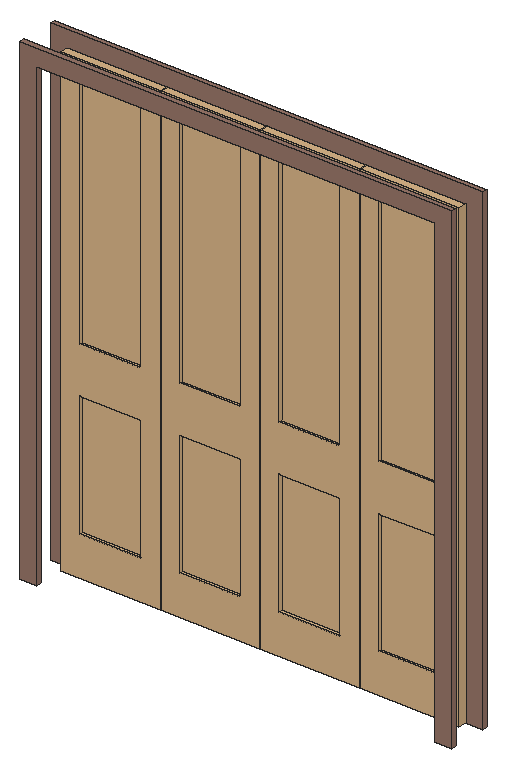
Revit family
Parameters (values of type "1830 x 2134mm")
  Thickness = 44 mm
  Assembly Code = ""
  Description = ""
  Door Material = Door - Panel
  Frame Material = Door - Frame
  Height = 2134 mm
  Trim Width = 76 mm
  Wall Closure = (empty or 0)
  Width = 1830 mm
Types (4, lengths in mm): name | Height | Width
  1220 x 2134mm | 2134 | 1220
  1525 x 2134mm | 2134 | 1525
  1830 x 2134mm | 2134 | 1830
  1830 x 2032mm | 2032 | 1830
Reference planes
  plane 1: y = 0
  plane 2 "Center": x = 0
  plane 3 "Left": x = -915
  plane 4 "Right": x = 915
  plane 5 "Top": z = 2134
  plane 6: x = -457.5
  plane 7: x = 457.5
  plane 8: z = 1067
  plane 9: x = -508.3
  plane 10: x = -101.6
  plane 11: y = 76.2
  plane 12: x = 101.6
  plane 13: x = 508.3
  plane 14: y = 38.1
  plane 15: y = -101.6
  plane 16: y = -76.2
  plane 17: y = 101.6
  plane 18: z = 184.15
  plane 19: z = 2051.45
  plane 20: z = 749.3
  plane 21: z = 965.2
  plane 22: x = 826.1
  plane 23: x = 546.4
  plane 24: x = 88.9
  plane 25: x = 368.6
  plane 26: x = -88.9
  plane 27: x = -368.6
  plane 28: x = -546.4
  plane 29: x = -826.1
  plane 30: y = 63.5
  plane 31: y = 50.8
Forms (mm)
  Extrusion 1, solid, material "Door - Panel" <- "Door Material"
    sketch origin (-1524, 76.2, 0) x (-1, 0, 0) y (0, 0, 1)
      loop
        line (-2439, 0) -> (-1981.5, 0) -> (-1981.5, 2134) -> (-2439, 2134) -> (-2439, 0)
      loop
        line (-2350.1, 2051.45) -> (-2350.1, 965.2) -> (-2070.4, 965.2) -> (-2070.4, 2051.45) -> (-2350.1, 2051.45)
      loop
        line (-2350.1, 749.3) -> (-2350.1, 184.15) -> (-2070.4, 184.15) -> (-2070.4, 749.3) -> (-2350.1, 749.3)
    from 0 to -38.1
  Extrusion 2, solid, material "Door - Panel" <- "Door Material"
    sketch origin (-1524, 76.2, 0) x (-1, 0, 0) y (0, 0, 1)
      loop
        line (-1981.5, 0) -> (-1524, 0) -> (-1524, 2134) -> (-1981.5, 2134) -> (-1981.5, 0)
      loop
        line (-1892.6, 2051.45) -> (-1892.6, 965.2) -> (-1612.9, 965.2) -> (-1612.9, 2051.45) -> (-1892.6, 2051.45)
      loop
        line (-1892.6, 749.3) -> (-1892.6, 184.15) -> (-1612.9, 184.15) -> (-1612.9, 749.3) -> (-1892.6, 749.3)
    from 0 to -38.1
  Extrusion 3, solid, material "Door - Panel" <- "Door Material"
    sketch origin (-1524, 76.2, 0) x (-1, 0, 0) y (0, 0, 1)
      loop
        line (-1524, 0) -> (-1066.5, 0) -> (-1066.5, 2134) -> (-1524, 2134) -> (-1524, 0)
      loop
        line (-1435.1, 2051.45) -> (-1435.1, 965.2) -> (-1155.4, 965.2) -> (-1155.4, 2051.45) -> (-1435.1, 2051.45)
      loop
        line (-1435.1, 749.3) -> (-1435.1, 184.15) -> (-1155.4, 184.15) -> (-1155.4, 749.3) -> (-1435.1, 749.3)
    from 0 to -38.1
  Extrusion 4, solid, material "Door - Panel" <- "Door Material"
    sketch origin (-1524, 76.2, 0) x (-1, 0, 0) y (0, 0, 1)
      loop
        line (-1066.5, 0) -> (-609, 0) -> (-609, 2134) -> (-1066.5, 2134) -> (-1066.5, 0)
      loop
        line (-977.6, 2051.45) -> (-977.6, 965.2) -> (-697.9, 965.2) -> (-697.9, 2051.45) -> (-977.6, 2051.45)
      loop
        line (-977.6, 749.3) -> (-977.6, 184.15) -> (-697.9, 184.15) -> (-697.9, 749.3) -> (-977.6, 749.3)
    from 0 to -38.1
  Extrusion 5, solid, material "Door - Frame" <- "Frame Material"
    sketch origin (-1524, 76.2, 0) x (-1, 0, 0) y (0, 0, 1)
      loop
        line (-2515, 2210) -> (-2515, 0) -> (-2439, 0) -> (-2439, 2134) -> (-609, 2134) -> (-609, 0) -> (-533, 0) -> (-533, 2210) -> (-2515, 2210)
    from 0 to 25.4
  Extrusion 6, solid, material "Door - Frame" <- "Frame Material"
    sketch origin (-1524, -76.2, 0) x (-1, 0, 0) y (0, 0, -1)
      loop
        line (-2515, -2210) -> (-533, -2210) -> (-533, 0) -> (-609, 0) -> (-609, -2134) -> (-2439, -2134) -> (-2439, 0) -> (-2515, 0) -> (-2515, -2210)
    from 25.4 to 0
  Extrusion 7, solid, material "Door - Panel" <- "Door Material"
    sketch origin (-1524, 76.2, 0) x (-1, 0, 0) y (0, 0, 1)
      loop
        line (-2350.1, 2051.45) -> (-2350.1, 965.2) -> (-2070.4, 965.2) -> (-2070.4, 2051.45) -> (-2350.1, 2051.45)
      loop
        line (-2350.1, 749.3) -> (-2350.1, 184.15) -> (-2070.4, 184.15) -> (-2070.4, 749.3) -> (-2350.1, 749.3)
      loop
        line (-1892.6, 2051.45) -> (-1892.6, 965.2) -> (-1612.9, 965.2) -> (-1612.9, 2051.45) -> (-1892.6, 2051.45)
      loop
        line (-1892.6, 749.3) -> (-1892.6, 184.15) -> (-1612.9, 184.15) -> (-1612.9, 749.3) -> (-1892.6, 749.3)
      loop
        line (-1435.1, 749.3) -> (-1435.1, 184.15) -> (-1155.4, 184.15) -> (-1155.4, 749.3) -> (-1435.1, 749.3)
      loop
        line (-1155.4, 2051.45) -> (-1435.1, 2051.45) -> (-1435.1, 965.2) -> (-1155.4, 965.2) -> (-1155.4, 2051.45)
      loop
        line (-697.9, 2051.45) -> (-977.6, 2051.45) -> (-977.6, 965.2) -> (-697.9, 965.2) -> (-697.9, 2051.45)
      loop
        line (-697.9, 749.3) -> (-977.6, 749.3) -> (-977.6, 184.15) -> (-697.9, 184.15) -> (-697.9, 749.3)
    from -25.4 to -12.7
Lines and regions (mm)
  Opening 1
    outline origin (-2286, -76.2, 0) x (1, 0, 0) y (0, 0, 1)
      loop
        line (1371, 0) -> (3201, 0) -> (3201, 2134) -> (1371, 2134) -> (1371, 0)
  symbolic lines, style "InvisibleLines", detail levels coarse
    curve 1: line (-915, 76.2, 0) -> (-508.3, 289.287, 0)
    curve 2: line (-508.3, 289.287, 0) -> (-101.6, 76.2, 0)
    curve 11: line (508.407, 289.287, 0) -> (912.726, 77.447, 0)
    curve 15: line (508.193, 289.287, 0) -> (101.493, 76.2, 0)
  symbolic lines, style "DoorsPanelProjection"
    curve 3: line (-914.893, 76.002, 0) -> (-528.737, 321.442, 0)
    curve 4: line (-894.456, 43.847, 0) -> (-914.893, 76.002, 0)
    curve 5: line (-508.3, 289.287, 0) -> (-894.456, 43.847, 0)
    curve 6: line (-528.737, 321.442, 0) -> (-508.3, 289.287, 0)
    curve 7: line (-101.707, 76.002, 0) -> (-487.863, 321.442, 0)
    curve 8: line (-122.144, 43.847, 0) -> (-101.707, 76.002, 0)
    curve 9: line (-508.3, 289.287, 0) -> (-122.144, 43.847, 0)
    curve 10: line (-487.863, 321.442, 0) -> (-508.3, 289.287, 0)
    curve 12: line (912.726, 77.447, 0) -> (528.844, 321.442, 0)
    curve 13: line (508.407, 289.287, 0) -> (894.563, 43.847, 0)
    curve 14: line (528.844, 321.442, 0) -> (508.407, 289.287, 0)
    curve 16: line (101.6, 76.002, 0) -> (487.756, 321.442, 0)
    curve 17: line (122.037, 43.847, 0) -> (101.6, 76.002, 0)
    curve 18: line (508.193, 289.287, 0) -> (122.037, 43.847, 0)
    curve 19: line (487.756, 321.442, 0) -> (508.193, 289.287, 0)
    curve 20: line (894.563, 43.847, 0) -> (912.726, 77.447, 0)
  symbolic lines, style "Elevation Swing"
    curve 21: line (0, 0, 2134) -> (-457.5, 0, 1067)
    curve 22: line (-457.5, 0, 1067) -> (0, 0, 0)
    curve 23: line (0, 0, 0) -> (457.5, 0, 1067)
    curve 24: line (0, 0, 2134) -> (457.5, 0, 1067)
    curve 25: line (-457.5, 0, 2134) -> (-915, 0, 1067)
    curve 26: line (-457.5, 0, 0) -> (-915, 0, 1067)
    curve 27: line (457.5, 0, 2134) -> (915, 0, 1067)
    curve 28: line (457.5, 0, 0) -> (915, 0, 1067)
Text (mm)
  text "Exterior" at (-1490.41, 656.754, 0), in view "Floor Line"
  text "Interior" at (-1482.03, -412.535, 0), in view "Floor Line"
  text "Exterior" at (0, 1019.848, 3124.603), in view "Right"
  text "Interior" at (0, -1635.541, 3124.603), in view "Right"
  text "Interior" at (0, -787.806, 3124.376), in view "Left"
  text "Exterior" at (0, 1386.095, 3124.376), in view "Left"
Dimensions and locks
  "Height": host wall to plane 5 "Top"
  "Trim Width": Extrusion 5 sketch curve to Extrusion 1
  "Trim Width": Extrusion 5 sketch curve to Extrusion 5 sketch curve
  "Trim Width": Extrusion 5 sketch curve to Extrusion 4
  "Trim Width": Extrusion 6 sketch curve to Extrusion 6 sketch curve
  locked: plane 10 to plane 2 "Center" at 101.6
  locked: plane 2 "Center" to plane 12 at 101.6
  "Width": plane 3 "Left" to plane 4 "Right"
  locked: plane 15 to host wall at 25.4
  locked: plane 14 to plane 11 at 38.1
  locked: plane 17 to plane 11 at 25.4
  "Trim Width": plane 4 "Right" to Extrusion 6 sketch curve
  "Trim Width": plane 3 "Left" to Extrusion 6 sketch curve
  equal spacing: plane 3 "Left", plane 9, plane 10
  equal spacing: plane 12, plane 13, plane 4 "Right"
  equal spacing: plane 3 "Left", plane 6, plane 2 "Center", plane 7, plane 4 "Right"
  level to plane 18 to plane 20 to plane 21 = 184.15 mm, 565.15 mm, 215.9 mm
  plane 19 to plane 5 "Top" = 82.55 mm
  plane 4 "Right" to plane 22 = 88.9 mm
  plane 23 to plane 7 = 88.9 mm
  plane 7 to plane 25 = 88.9 mm
  plane 24 to plane 2 "Center" = 88.9 mm
  plane 2 "Center" to plane 26 = 88.9 mm
  plane 27 to plane 6 = 88.9 mm
  plane 6 to plane 28 = 88.9 mm
  plane 29 to plane 3 "Left" = 88.9 mm
  locked: plane 11 to host wall at 0
  plane 14 to plane 31 to plane 30 to Extrusion 4 = 12.7 mm, 12.7 mm, 12.7 mm
  equal spacing: level, plane 8, plane 5 "Top"
  aligned and locked: plane 3 "Left" to Opening 1 sketch curve
  aligned and locked: plane 5 "Top" to Opening 1 sketch curve  (x2)
  aligned and locked: Opening 1 sketch curve to plane 4 "Right"
  aligned and locked: Opening 1 sketch curve to level
  aligned and locked: Extrusion 5 sketch curve to plane 5 "Top"
  aligned and locked: Extrusion 5 sketch curve to host wall
  aligned and locked: plane 15 to Extrusion 6
  aligned and locked: Extrusion 6 to host wall
  aligned and locked: plane 16 to host wall
  aligned and locked: plane 17 to Extrusion 5
  aligned and locked: Extrusion 5 to host wall
  aligned and locked: Extrusion 7 sketch curve to Extrusion 1  (x3)
  aligned and locked: Extrusion 7 sketch curve to Extrusion 2  (x4)
  aligned and locked: Extrusion 7 sketch curve to Extrusion 3  (x4)
  aligned and locked: Extrusion 7 sketch curve to Extrusion 4  (x2)
  aligned and locked: Extrusion 7 to plane 30
  aligned and locked: plane 31 to Extrusion 7
  aligned and locked: Extrusion 4 to plane 14
  aligned and locked: plane 14 to Extrusion 3
  aligned and locked: plane 14 to Extrusion 2
  aligned and locked: plane 14 to Extrusion 1
Automatic sketch dimensions
  Extrusion 5 sketch curve to level = 0 mm  (x2)
  Extrusion 5 sketch curve to plane 3 "Left" = 0 mm
  Extrusion 6 sketch curve to level = 0 mm  (x2)
  Extrusion 6 sketch curve to plane 4 "Right" = 0 mm
  Extrusion 6 sketch curve to plane 3 "Left" = 0 mm
  Extrusion 6 sketch curve to plane 5 "Top" = 0 mm
  Extrusion 1 sketch curve to level = 0 mm
  Extrusion 1 sketch curve to plane 4 "Right" = 0 mm
  Extrusion 1 sketch curve to plane 20 = 0 mm
  Extrusion 1 sketch curve to plane 22 = 0 mm  (x2)
  Extrusion 1 sketch curve to plane 18 = 0 mm
  Extrusion 1 sketch curve to plane 19 = 0 mm
  Extrusion 1 sketch curve to plane 23 = 0 mm  (x2)
  Extrusion 1 sketch curve to plane 7 = 0 mm
  Extrusion 1 sketch curve to plane 21 = 0 mm
  Extrusion 1 sketch curve to plane 5 "Top" = 0 mm
  Extrusion 2 sketch curve to level = 0 mm
  Extrusion 2 sketch curve to plane 7 = 0 mm
  Extrusion 2 sketch curve to plane 2 "Center" = 0 mm
  Extrusion 2 sketch curve to plane 5 "Top" = 0 mm
  Extrusion 3 sketch curve to level = 0 mm
  Extrusion 3 sketch curve to plane 2 "Center" = 0 mm
  Extrusion 3 sketch curve to plane 6 = 0 mm
  Extrusion 3 sketch curve to plane 5 "Top" = 0 mm
  Extrusion 4 sketch curve to level = 0 mm
  Extrusion 4 sketch curve to plane 6 = 0 mm
  Extrusion 4 sketch curve to plane 21 = 0 mm
  Extrusion 4 sketch curve to plane 28 = 0 mm  (x2)
  Extrusion 4 sketch curve to plane 19 = 0 mm
  Extrusion 4 sketch curve to plane 29 = 0 mm  (x2)
  Extrusion 4 sketch curve to plane 3 "Left" = 0 mm
  Extrusion 4 sketch curve to plane 5 "Top" = 0 mm
  Extrusion 7 sketch curve to plane 18 = 0 mm  (x4)
  Extrusion 7 sketch curve to plane 28 = 0 mm  (x2)
  Extrusion 7 sketch curve to plane 29 = 0 mm  (x2)
  Extrusion 7 sketch curve to plane 20 = 0 mm  (x4)
  Extrusion 2 sketch curve to plane 18 = 0 mm
  Extrusion 2 sketch curve to plane 25 = 0 mm  (x2)
  Extrusion 2 sketch curve to plane 20 = 0 mm
  Extrusion 2 sketch curve to plane 24 = 0 mm  (x2)
  Extrusion 2 sketch curve to plane 21 = 0 mm
  Extrusion 3 sketch curve to plane 18 = 0 mm
  Extrusion 3 sketch curve to plane 26 = 0 mm  (x2)
  Extrusion 3 sketch curve to plane 20 = 0 mm
  Extrusion 3 sketch curve to plane 27 = 0 mm  (x2)
  Extrusion 3 sketch curve to plane 21 = 0 mm
  Extrusion 4 sketch curve to plane 18 = 0 mm
  Extrusion 4 sketch curve to plane 20 = 0 mm
  Extrusion 7 sketch curve to plane 19 = 0 mm
  Extrusion 7 sketch curve to plane 22 = 0 mm
  Extrusion 7 sketch curve to plane 21 = 0 mm
  Extrusion 2 sketch curve to plane 19 = 0 mm
  Extrusion 7 sketch curve to plane 25 = 0 mm
  Extrusion 7 sketch curve to plane 24 = 0 mm
  Extrusion 3 sketch curve to plane 19 = 0 mm
  Extrusion 7 sketch curve to plane 26 = 0 mm
  Extrusion 7 sketch curve to plane 27 = 0 mm
  curve 1 to host wall = 0 mm
  curve 1 to plane 3 "Left" = 0 mm
  curve 5 to plane 9 = 0 mm
  curve 2 to host wall = 0 mm
  curve 2 to plane 10 = 0 mm
  curve 15 to host wall = 0 mm
  curve 16 to plane 12 = 0 mm
  curve 4 to plane 3 "Left" = 0.107 mm
  curve 5 to plane 14 = 5.747 mm
  curve 5 to plane 3 "Left" = 20.544 mm
  curve 7 to plane 9 = 20.437 mm
  curve 9 to plane 14 = 5.747 mm
  plane 10 to curve 9 = 20.544 mm
  plane 12 to curve 15 = 0.107 mm
  curve 18 to plane 14 = 5.747 mm
  curve 18 to plane 12 = 20.437 mm
  plane 13 to curve 19 = 20.544 mm
  curve 13 to plane 13 = 0.107 mm
  curve 12 to plane 23 = 17.556 mm
  curve 20 to plane 14 = 5.747 mm
  plane 4 "Right" to curve 20 = 20.437 mm
  curve 13 to plane 14 = 5.747 mm
  curve 13 to curve 20 = 0 mm
  host wall to curve 11 = 1.247 mm
  plane 4 "Right" to curve 11 = 2.274 mm
  curve 20 to curve 11 = 0 mm  (x2)
  curve 4 to host wall = 0.198 mm
  curve 16 to host wall = 0.198 mm
  curve 25 to plane 5 "Top" = 0 mm
  curve 21 to plane 2 "Center" = 0 mm
  curve 21 to plane 5 "Top" = 0 mm
  curve 27 to plane 5 "Top" = 0 mm
  curve 25 to plane 3 "Left" = 0 mm
  curve 25 to plane 8 = 0 mm
  curve 23 to plane 7 = 0 mm
  curve 23 to plane 8 = 0 mm
  curve 21 to plane 6 = 0 mm
  curve 21 to plane 8 = 0 mm
  curve 27 to plane 4 "Right" = 0 mm
  curve 28 to plane 8 = 0 mm
  curve 22 to level = 0 mm
  curve 28 to level = 0 mm
  curve 26 to level = 0 mm
  curve 25 to plane 6 = 0 mm
  curve 26 to plane 6 = 0 mm
  curve 22 to plane 2 "Center" = 0 mm
  curve 27 to plane 7 = 0 mm
  curve 28 to plane 7 = 0 mm
